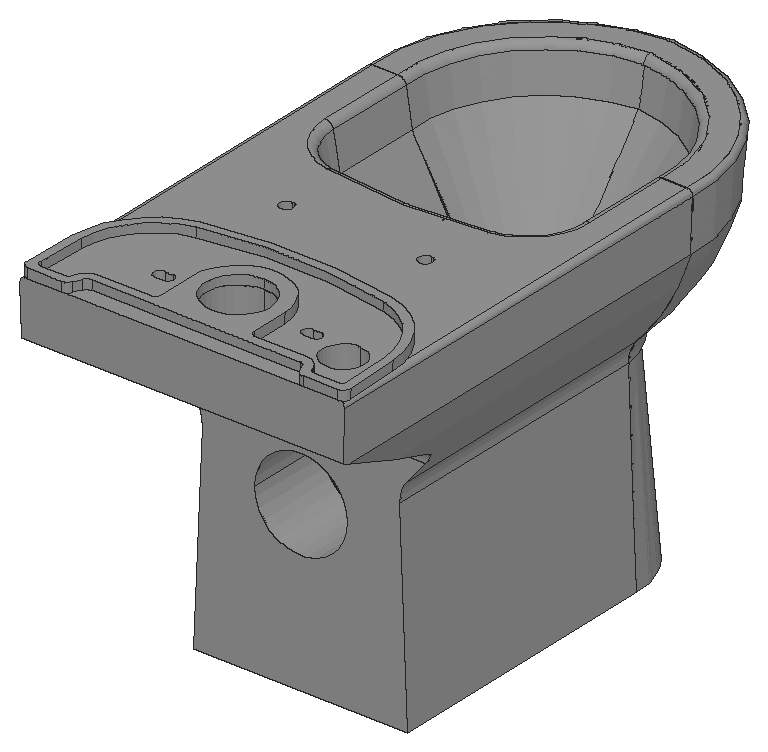
Revit family "HU2015007", category Plumbing Fixtures, host Wall, Revit 2016
Family settings
  Host = Wall
  Part Type = Normal
  Round Connector Dimension = Use Diameter
  OmniClass Number = 23.45.00.00
  OmniClass Title = Sanitary, Laundry, and Cleaning Equipment
  Always vertical = Yes
  Cut with Voids When Loaded = No
  Shared = No
  Room Calculation Point = No
Parameters (values of type "WC AKIM2")
  Waste Connection = yes
  Vent Connection = no
  URL = "www.grupochc.cl"
  Type Image = AKIM 02.jpg
  Model = "HU2015007"
  Material = Porcelain, Linen
  Manufacturer = "CHC"
  HW Connection = no
  Description = "WC Ecólogico\r\nSalida dual\r\nSin fijacion"
  CW Connection = yes
  Assembly Code = "D2010100"
Reference planes
  plane 1: y = 0
  plane 2 "Center (Left/Right)": x = 125
  plane 3 "Back": y = 75
  plane 4: z = 206.856
Forms (mm)
  Extrusion 1, void
    sketch origin (125, 0, 0) x (0, 1, 0) y (0, 0, 1)
      loop
        arc (235, 266.961) -> (231.754, 277.884) -> (223.07, 285.261) r 20
        line (223.07, 285.261) -> (74.301, 350.863) -> (15, 350.863) -> (15, 0) -> (235, 0) -> (235, 266.961)
    from -250 to 250
  Blend 2, solid, material "Porcelain, Linen" <- "Material"
    base sketch origin (0, 5, 0) x (1, 0, 0) y (0, 1, 0)
      loop
        line (9.508, 538.752) -> (240.492, 538.752)
        spline (240.492, 538.752) -> (236.557, 565.216) -> (225.019, 589.876) -> (206.665, 611.052) -> (182.746, 627.301) -> (154.891, 637.516) -> (125, 641) -> (95.109, 637.516) -> (67.254, 627.301) -> (43.335, 611.052) -> (24.981, 589.876) -> (13.443, 565.216) -> (9.508, 538.752)
    top sketch origin (0, 5, 0) x (1, 0, 0) y (0, 1, 0)
      loop
        line (18.41, 538.752) -> (231.59, 538.752)
        arc (231.59, 538.752) -> (125, 621.501) -> (18.41, 538.752) r 110.024
    from 0 to 218.291
  SweptBlend 3, solid, material "Porcelain, Linen" <- "Material"
    path origin (155.921, 668.752, 206.856) x (1, 0, 0) y (0, 1, 0)
      loop
        arc (-205.921, -125) -> (-154.665, -1.256) -> (-30.921, 50) r 175
    profile origin (-50, 543.752, 206.856) x (-1, -0.000001, 0) y (0, 0, 1)
      loop
        arc (-68.417, 11.434) -> (-66.3, 24.834) -> (-59.246, 36.423) r 35
        arc (-59.246, 36.423) -> (-24.202, 84.93) -> (-1.273, 140.205) r 258.061
        line (-1.273, 140.205) -> (0.326, 196.975)
        arc (0.326, 196.975) -> (-1.369, 201.326) -> (-5.671, 203.144) r 6
        line (-5.671, 203.144) -> (-32.047, 203.144)
        arc (-32.047, 203.144) -> (-37.865, 201.011) -> (-40.925, 195.623) r 9
        line (-40.925, 195.623) -> (-47.671, 155.144) -> (-131.319, 11.434) -> (-68.417, 11.434)
    end profile origin (125, 718.752, 206.856) x (0, 1, 0) y (0, 0, 1)
      loop
        arc (-71.386, 35.26) -> (-17.488, 77.235) -> (10.199, 139.688) r 140.308
        line (10.199, 139.688) -> (20.142, 197.144)
        arc (20.142, 197.144) -> (18.385, 201.386) -> (14.142, 203.144) r 6
        line (14.142, 203.144) -> (-12.233, 203.144)
        arc (-12.233, 203.144) -> (-18.051, 201.011) -> (-21.111, 195.623) r 9
        line (-21.111, 195.623) -> (-27.858, 155.144) -> (-140.795, 11.434) -> (-92.25, 11.434)
        arc (-92.25, 11.434) -> (-84.456, 25.657) -> (-71.386, 35.26) r 37.51
  Extrusion 4, solid, material "Porcelain, Linen" <- "Material"
    sketch origin (250, 75, 0) x (-1, 0, 0) y (0, 0, 1)
      loop
        arc (9.246, 243.279) -> (16.187, 231.993) -> (18.436, 218.936) r 35
        line (18.436, 218.936) -> (9.508, 0) -> (240.492, 0) -> (231.564, 218.936)
        arc (231.564, 218.936) -> (233.813, 231.993) -> (240.754, 243.279) r 35
        arc (240.754, 243.279) -> (275.797, 291.786) -> (298.726, 347.061) r 258.061
        line (298.726, 347.061) -> (300.326, 403.831)
        arc (300.326, 403.831) -> (298.63, 408.182) -> (294.328, 410) r 6
        line (294.328, 410) -> (-44.328, 410)
        arc (-44.328, 410) -> (-48.63, 408.182) -> (-50.326, 403.831) r 6
        line (-50.326, 403.831) -> (-48.726, 347.061)
        arc (-48.726, 347.061) -> (-25.797, 291.786) -> (9.246, 243.279) r 258.061
    from 0 to 468.752
  Blend 5, void
    base sketch origin (0, 529.876, 206.856) x (1, 0, 0) y (0, 1, 0)
      loop
        arc (168.681, 13.876) -> (125, 43.124) -> (81.319, 13.876) r 47.242
        line (81.319, 13.876) -> (81.319, -69.158)
        arc (81.319, -69.158) -> (85.519, -81.931) -> (96.857, -89.158) r 20
        line (96.857, -89.158) -> (153.143, -89.158)
        arc (153.143, -89.158) -> (164.481, -81.931) -> (168.681, -69.158) r 20
        line (168.681, -69.158) -> (168.681, 13.876)
    top sketch origin (0, 529.876, 206.856) x (1, 0, 0) y (0, 1, 0)
      loop
        arc (-2.328, -88.275) -> (10.957, -118.958) -> (40.177, -135.21) r 52
        arc (40.177, -135.21) -> (125, -142.876) -> (209.823, -135.21) r 473.099
        arc (209.823, -135.21) -> (239.044, -118.958) -> (252.328, -88.275) r 52
        line (252.328, -88.275) -> (252.328, 13.876)
        arc (252.328, 13.876) -> (216.077, 111.168) -> (125, 161.018) r 148.684
        arc (125, 161.018) -> (33.923, 111.168) -> (-2.328, 13.876) r 148.684
        line (-2.328, 13.876) -> (-2.328, -88.275)
    from 0 to 155.144
  Sweep 6, void
    path origin (0, 529.876, 206.856) x (0, -1, 0) y (1, 0, 0)
      loop
        arc (142.876, 125) -> (140.956, 82.416) -> (135.21, 40.177) r 473.099
        arc (135.21, 40.177) -> (117.363, 9.57) -> (84.052, -2.5) r 52
        line (84.052, -2.5) -> (-35.948, -2.5)
    profile origin (-2.5, 505.824, 206.856) x (-1, 0, 0) y (0, 0, 1)
      loop
        line (15.452, 203.144) -> (15.452, 215.144) -> (-30.172, 215.144) -> (-30.172, 155.144) -> (-0.172, 155.144) -> (6.575, 195.623)
        arc (6.575, 195.623) -> (9.635, 201.011) -> (15.452, 203.144) r 9
  Extrusion 7, void
    sketch origin (0, 529.876, 206.856) x (1, 0, 0) y (0, -1, 0)
      loop
        line (17.549, -23.019) -> (227.549, -23.019) -> (227.549, 115.604) -> (17.549, 115.604) -> (17.549, -23.019)
    from -250 to -155.144
  Extrusion 8, void
    sketch origin (0, 529.876, 206.856) x (1, 0, 0) y (0, -1, 0)
      loop
        circle (50, 220.876) r 7.5
      loop
        circle (200, 220.876) r 7.5
      loop
        circle (125, 379.876) r 35
      loop
        circle (250, 393.876) r 22.5
      loop
        line (209.5, 386.376) -> (200.5, 386.376)
        arc (200.5, 386.376) -> (194, 379.876) -> (200.5, 373.376) r 6.5
        line (200.5, 373.376) -> (209.5, 373.376)
        arc (209.5, 373.376) -> (216, 379.876) -> (209.5, 386.376) r 6.5
      loop
        line (49.5, 386.376) -> (40.5, 386.376)
        arc (40.5, 386.376) -> (34, 379.876) -> (40.5, 373.376) r 6.5
        line (40.5, 373.376) -> (49.5, 373.376)
        arc (49.5, 373.376) -> (56, 379.876) -> (49.5, 386.376) r 6.5
    from -250 to -144.007
  Extrusion 9, solid, material "Porcelain, Linen" <- "Material"
    sketch origin (0, 529.876, 206.856) x (0, -1, 0) y (1, 0, 0)
      loop
        arc (302.553, 22.008) -> (332.807, -27.113) -> (386.671, -47.772) r 90
        line (386.671, -47.772) -> (446.556, -50.167)
        arc (446.556, -50.167) -> (452.419, -47.942) -> (454.876, -42.174) r 8
        line (454.876, -42.174) -> (454.876, -5.333)
        arc (454.876, -5.333) -> (453.532, -0.896) -> (449.953, 2.051) r 8
        line (449.953, 2.051) -> (441.799, 5.449)
        arc (441.799, 5.449) -> (438.22, 8.396) -> (436.876, 12.833) r 8
        line (436.876, 12.833) -> (436.876, 237.167)
        arc (436.876, 237.167) -> (438.22, 241.604) -> (441.799, 244.551) r 8
        line (441.799, 244.551) -> (449.953, 247.949)
        arc (449.953, 247.949) -> (453.532, 250.896) -> (454.876, 255.333) r 8
        line (454.876, 255.333) -> (454.876, 292.164)
        arc (454.876, 292.164) -> (452.422, 297.939) -> (446.556, 300.167) r 8
        line (446.556, 300.167) -> (386.671, 297.772)
        arc (386.671, 297.772) -> (332.807, 277.113) -> (302.553, 227.992) r 90
        arc (302.553, 227.992) -> (290.876, 125) -> (302.553, 22.008) r 460.045
      loop
        arc (445.876, -10) -> (444.868, -6.672) -> (442.184, -4.462) r 6
        line (442.184, -4.462) -> (438.338, -2.859)
        arc (438.338, -2.859) -> (430.731, 3.403) -> (427.876, 12.833) r 17
        line (427.876, 12.833) -> (427.876, 68.5)
        arc (427.876, 68.5) -> (426.119, 72.743) -> (421.876, 74.5) r 6
        line (421.876, 74.5) -> (379.876, 74.5)
        arc (379.876, 74.5) -> (329.376, 125) -> (379.876, 175.5) r 50.5
        line (379.876, 175.5) -> (421.876, 175.5)
        arc (421.876, 175.5) -> (426.119, 177.257) -> (427.876, 181.5) r 6
        line (427.876, 181.5) -> (427.876, 237.167)
        arc (427.876, 237.167) -> (430.731, 246.597) -> (438.338, 252.859) r 17
        line (438.338, 252.859) -> (442.184, 254.462)
        arc (442.184, 254.462) -> (444.868, 256.672) -> (445.876, 260) r 6
        line (445.876, 260) -> (445.876, 284.888)
        arc (445.876, 284.888) -> (444.033, 289.215) -> (439.636, 290.883) r 6
        line (439.636, 290.883) -> (387.031, 288.779)
        arc (387.031, 288.779) -> (338.553, 270.186) -> (311.324, 225.978) r 81
        arc (311.324, 225.978) -> (299.876, 125) -> (311.324, 24.022) r 451.045
        arc (311.324, 24.022) -> (338.553, -20.186) -> (387.031, -38.779) r 81
        line (387.031, -38.779) -> (439.636, -40.883)
        arc (439.636, -40.883) -> (444.033, -39.215) -> (445.876, -34.888) r 6
        line (445.876, -34.888) -> (445.876, -10)
    from 203.144 to 213.144
  Extrusion 10, void
    sketch origin (0, 529.876, 206.856) x (1, 0, 0) y (0, -1, 0)
      loop
        line (81.319, 69.158) -> (81.319, -13.876)
        arc (81.319, -13.876) -> (125, -48.081) -> (168.681, -13.876) r 44.993
        line (168.681, -13.876) -> (168.681, 69.158)
        arc (168.681, 69.158) -> (164.481, 81.931) -> (153.143, 89.158) r 20
        line (153.143, 89.158) -> (96.857, 89.158)
        arc (96.857, 89.158) -> (85.519, 81.931) -> (81.319, 69.158) r 20
    from -250 to 109.997
  Extrusion 11, void
    sketch origin (0, 75, 0) x (1, 0, 0) y (0, 0, 1)
      loop
        circle (125, 180) r 50
    from -250 to -160
  Sweep 12, void
    path origin (250, 529.876, 206.856) x (0, -1, 0) y (1, 0, 0)
      loop
        arc (142.876, -125) -> (140.956, -82.416) -> (135.21, -40.177) r 473.099
        arc (135.21, -40.177) -> (117.363, -9.57) -> (84.052, 2.5) r 52
        line (84.052, 2.5) -> (-35.948, 2.5)
    profile origin (252.5, 505.824, 206.856) x (-1, 0, 0) y (0, 0, 1)
      loop
        arc (-15.452, 203.144) -> (-9.635, 201.011) -> (-6.575, 195.623) r 9
        line (-6.575, 195.623) -> (0.172, 155.144) -> (30.172, 155.144) -> (30.172, 215.144) -> (-15.452, 215.144) -> (-15.452, 203.144)
  SweptBlend 13, solid, material "Porcelain, Linen" <- "Material"
    path origin (94.079, 668.752, 206.856) x (-1, 0, 0) y (0, -1, 0)
      loop
        arc (-205.921, 125) -> (-154.665, 1.256) -> (-30.921, -50) r 175
    profile origin (300, 543.752, 206.856) x (-1, 0.000001, 0) y (0, 0, 1)
      loop
        line (68.417, 11.434) -> (131.319, 11.434) -> (47.671, 155.144) -> (40.925, 195.623)
        arc (40.925, 195.623) -> (37.865, 201.011) -> (32.047, 203.144) r 9
        line (32.047, 203.144) -> (5.671, 203.144)
        arc (5.671, 203.144) -> (1.369, 201.326) -> (-0.326, 196.975) r 6
        line (-0.326, 196.975) -> (1.273, 140.205)
        arc (1.273, 140.205) -> (24.202, 84.93) -> (59.246, 36.423) r 258.061
        arc (59.246, 36.423) -> (66.3, 24.834) -> (68.417, 11.434) r 35
    end profile origin (125, 718.752, 206.856) x (0, -1, 0) y (0, 0, 1)
      loop
        arc (71.386, 35.26) -> (84.456, 25.657) -> (92.25, 11.434) r 37.51
        line (92.25, 11.434) -> (140.795, 11.434) -> (27.858, 155.144) -> (21.111, 195.623)
        arc (21.111, 195.623) -> (18.051, 201.011) -> (12.233, 203.144) r 9
        line (12.233, 203.144) -> (-14.142, 203.144)
        arc (-14.142, 203.144) -> (-18.385, 201.386) -> (-20.142, 197.144) r 6
        line (-20.142, 197.144) -> (-10.199, 139.688)
        arc (-10.199, 139.688) -> (17.488, 77.235) -> (71.386, 35.26) r 140.308
Cuts and joins
  Extrusion 8 cuts Extrusion 9
  Extrusion 10 cuts Blend 2
  Extrusion 1, Blend 5, Sweep 6, Extrusion 7, Extrusion 8, Extrusion 10, Extrusion 11, Sweep 12 cuts Extrusion 4
  joined: Blend 2, Extrusion 4
  joined: SweptBlend 3, SweptBlend 13
Text (mm)
  text "Placement side" at (-1787.139, 592.35, 0), in view "Ref. Level"
  text "Placement side" at (0, 1827.695, 2917.686), in view "Left"
  text "Placement side" at (0, 562.268, 3853.606), in view "Right"
Dimensions and locks
  locked: plane 3 "Back" to host wall at 0
  cut or joined group 1 (Extrusion 1, Blend 2, Extrusion 4, Blend 5, Sweep 6, Extrusion 7, Extrusion 8, Extrusion 10, Extrusion 11, Sweep 12) to cut or joined group of Extrusion 8, Extrusion 9 = 410 mm
  aligned and locked: host wall to plane 1
Connectors
  piping at (125, 235, 180), diameter 100, driven by "Waste Connection"
    settings: on cut or joined group 1, index 1, connector inside diameter 609.6 mm, connector length 0 mm, flow factor 0, pipe flow 0.0 L/s, pressure drop 0.0 Pa, fitting loss kfactor 0, connector angle 0.00°, fixture units 0, engagement length 0 mm, angle of deflection 0.00°, flow configuration 0, flow direction 2, fitting loss method 0, system type 16, joint type 0, gender type 0, connector reference index -1, connector utility 1, adjustable connector no, is connector primary yes, connector description ""
  piping at (125, 150, 410), diameter 70, driven by "CW Connection"
    settings: on cut or joined group of Extrusion 8, Extrusion 9, index 2, connector inside diameter 609.6 mm, connector length 0 mm, flow factor 0, pipe flow 0.0 L/s, pressure drop 0.0 Pa, fitting loss kfactor 0, connector angle 0.00°, fixture units 0, engagement length 0 mm, angle of deflection 0.00°, flow configuration 0, flow direction 1, fitting loss method 0, system type 20, joint type 0, gender type 0, connector reference index -1, connector utility 1, adjustable connector no, is connector primary no, connector description ""
